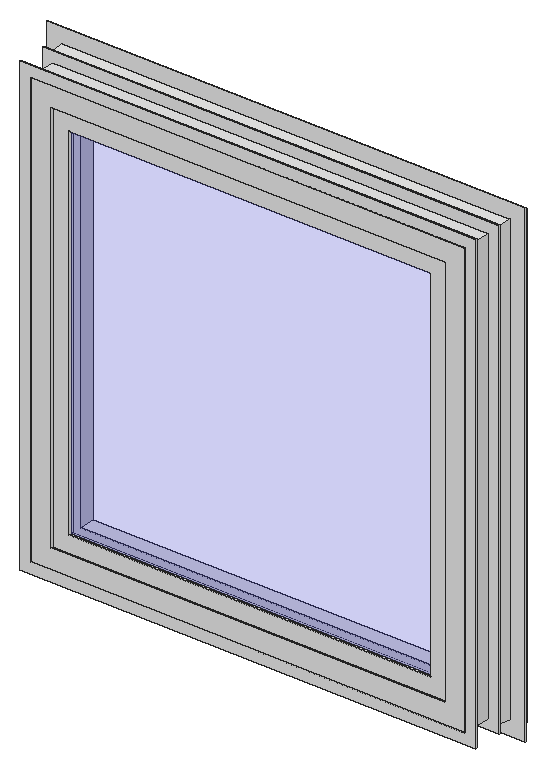
Revit family "Window-Awning-All_Weather-Series_6000", category Windows, host Wall, Revit 2026 (continued)
Definition of nested family "Detail-All_Weather-TDL-Series_6000"
  Dimensions and locks (in)
    Masking region 3 sketch curve to Masking region 3 sketch curve to plane 1 "Center (Front/Back)" to Masking region 3 sketch curve to Masking region 3 sketch curve = 0' - 0" locked, 0' - 0 9/16" locked, 0' - 0.49952" locked, 0' - 0.00048" locked
    "Thickness": plane 1 "Center (Front/Back)" to plane 8
    equal spacing: plane 1 "Center (Front/Back)", plane 9, plane 8
    plane 8 to Masking region 10 sketch curve to Masking region 10 sketch curve to Masking region 10 sketch curve to Masking region 10 sketch curve = 0' - 0.20338" locked, 0' - 0.014" locked, 0' - 0.283" locked, 0' - 0.014" locked
    plane 5 "Back" to Masking region 10 sketch curve to Masking region 10 sketch curve to Masking region 10 sketch curve to Masking region 10 sketch curve = 0' - 0.40084" locked, 0' - 0.014" locked, 0' - 0.55189" locked, 0' - 0.014" locked
    plane 5 "Back" to Masking region 9 sketch curve to Masking region 9 sketch curve to Masking region 9 sketch curve to Masking region 9 sketch curve = 0' - 0.36878" locked, 0' - 0.03206" locked, 0' - 0.57989" locked, 0' - 0.03206" locked
    Masking region 9 sketch curve to Masking region 9 sketch curve to Masking region 9 sketch curve to Masking region 9 sketch curve to plane 8 = 0' - 0.03038" locked, 0' - 0.195" locked, 0' - 0" locked, 0' - 0.31938" locked
    plane 5 "Back" to Masking region 8 sketch curve to Masking region 8 sketch curve to Masking region 8 sketch curve to Masking region 8 sketch curve = 0' - 0.18994" locked, 0' - 0.17884" locked, 0' - 0.64232" locked, 0' - 0.17884" locked
    Masking region 8 sketch curve to Masking region 8 sketch curve to plane 8 to Masking region 8 sketch curve to Masking region 8 sketch curve = 0' - 0" locked, 0' - 0.56202" locked, 0' - 0 1/2" locked, 0' - 0.00048" locked
    Masking region 1 sketch curve to plane 8 to Masking region 1 sketch curve to Masking region 1 sketch curve to Masking region 1 sketch curve to Masking region 1 sketch curve to Masking region 1 sketch curve to Masking region 1 sketch curve to Masking region 1 sketch curve to Masking region 1 sketch curve to Masking region 1 sketch curve to Masking region 1 sketch curve to Masking region 1 sketch curve to Masking region 1 sketch curve to Masking region 1 sketch curve to Masking region 1 sketch curve to Masking region 1 sketch curve to Masking region 1 sketch curve to Masking region 1 sketch curve to Masking region 1 sketch curve to Masking region 1 sketch curve to Masking region 1 sketch curve to Masking region 1 sketch curve to Masking region 1 sketch curve to Masking region 1 sketch curve to Masking region 1 sketch curve to Masking region 1 sketch curve to Masking region 1 sketch curve to Masking region 1 sketch curve to Masking region 1 sketch curve to Masking region 1 sketch curve to Masking region 1 sketch curve to Masking region 1 sketch curve to Masking region 1 sketch curve to Masking region 1 sketch curve to Masking region 1 sketch curve to Masking region 1 sketch curve to Masking region 1 sketch curve to Masking region 1 sketch curve to Masking region 1 sketch curve to Masking region 1 sketch curve to Masking region 1 sketch curve to Masking region 1 sketch curve to Masking region 1 sketch curve to Masking region 1 sketch curve to Masking region 1 sketch curve to Masking region 1 sketch curve to Masking region 1 sketch curve = 0' - 0" locked, 0' - 0 3/64" locked, 0' - 0.16416" locked, 0' - 0.04678" locked, 0' - 0.22619" locked, 0' - 0.0607" locked, 0' - 0 41/128" locked, 0' - 0.01" locked, 0' - 0" locked, 0' - 0.0113" locked, 0' - 0.001" locked, 0' - 0.0277" locked, 0' - 0" locked, 0' - 0" locked, 0' - 0" locked, 0' - 0.02089" locked, 0' - 0.03311" locked, 0' - 0" locked, 0' - 0.03039" locked, 0' - 0.08746" locked, 0' - 0.05674" locked, 0' - 0.02409" locked, 0' - 0.05674" locked, 0' - 0.05116" locked, 0' - 0.05674" locked, 0' - 0.02409" locked, 0' - 0.05674" locked, 0' - 0.08746" locked, 0' - 0.03039" locked, 0' - 0" locked, 0' - 0.03312" locked, 0' - 0.02088" locked, 0' - 0" locked, 0' - 0" locked, 0' - 0" locked, 0' - 0.0277" locked, 0' - 0.001" locked, 0' - 0.0113" locked, 0' - 0" locked, 0' - 0.03714" locked, 0' - 0.2838" locked, 0' - 0.07006" locked, 0' - 0.21609" locked, 0' - 0.04678" locked, 0' - 0.11739" locked, 0' - 0.04678" locked, 0' - 0.05698" locked
    plane 4 "Front" to Masking region 1 sketch curve to Masking region 1 sketch curve to Masking region 1 sketch curve to Masking region 1 sketch curve to Masking region 1 sketch curve to Masking region 1 sketch curve to Masking region 1 sketch curve to Masking region 1 sketch curve to Masking region 1 sketch curve to Masking region 1 sketch curve to Masking region 1 sketch curve to Masking region 1 sketch curve to Masking region 1 sketch curve to Masking region 1 sketch curve to Masking region 1 sketch curve to Masking region 1 sketch curve to Masking region 1 sketch curve to Masking region 1 sketch curve to Masking region 1 sketch curve to Masking region 1 sketch curve to Masking region 1 sketch curve to Masking region 1 sketch curve to Masking region 1 sketch curve to Masking region 1 sketch curve to Masking region 1 sketch curve to Masking region 1 sketch curve to Masking region 1 sketch curve to Masking region 1 sketch curve to Masking region 1 sketch curve to Masking region 1 sketch curve to Masking region 1 sketch curve to Masking region 1 sketch curve to Masking region 1 sketch curve to Masking region 1 sketch curve to Masking region 1 sketch curve to Masking region 1 sketch curve to Masking region 1 sketch curve to Masking region 1 sketch curve to Masking region 1 sketch curve to Masking region 1 sketch curve to Masking region 1 sketch curve to Masking region 1 sketch curve to Masking region 1 sketch curve to Masking region 1 sketch curve to Masking region 1 sketch curve to Masking region 1 sketch curve to Masking region 1 sketch curve to Masking region 1 sketch curve = 0' - 1.45616" locked, 0' - 0" locked, 0' - 0.05239" locked, 0' - 0" locked, 0' - 0.03688" locked, 0' - 0" locked, 0' - 0.0196" locked, 0' - 0" locked, 0' - 0.07867" locked, 0' - 0" locked, 0' - 0" locked, 0' - 0.00194" locked, 0' - 0" locked, 0' - 0.07606" locked, 0' - 0" locked, 0' - 0.05047" locked, 0' - 0" locked, 0' - 0.02639" locked, 0' - 0" locked, 0' - 0.10724" locked, 0' - 0" locked, 0' - 0.02639" locked, 0' - 0" locked, 0' - 0.0155" locked, 0' - 0" locked, 0' - 0.22427" locked, 0' - 0" locked, 0' - 0.05776" locked, 0' - 0.00071" locked, 0' - 0.02639" locked, 0' - 0.00091" locked, 0' - 0.10637" locked, 0' - 0.00588" locked, 0' - 0.00252" locked, 0' - 0" locked, 0' - 0" locked, 0' - 0" locked, 0' - 0.03109" locked, 0' - 0" locked, 0' - 0" locked, 0' - 0" locked, 0' - 0.01141" locked, 0' - 0" locked, 0' - 0" locked, 0' - 0" locked, 0' - 0.03875" locked, 0' - 0" locked, 0' - 0.04625" locked
    plane 4 "Front" to Masking region 6 sketch curve to Masking region 6 sketch curve to Masking region 6 sketch curve to Masking region 6 sketch curve to Masking region 6 sketch curve to Masking region 6 sketch curve to Masking region 6 sketch curve to Masking region 6 sketch curve to Masking region 6 sketch curve to Masking region 6 sketch curve to Masking region 6 sketch curve to Masking region 6 sketch curve to Masking region 6 sketch curve to Masking region 6 sketch curve to Masking region 6 sketch curve to Masking region 6 sketch curve to Masking region 6 sketch curve to Masking region 6 sketch curve to Masking region 6 sketch curve to Masking region 6 sketch curve to Masking region 6 sketch curve to Masking region 6 sketch curve to Masking region 6 sketch curve to Masking region 6 sketch curve to Masking region 6 sketch curve to Masking region 6 sketch curve to Masking region 6 sketch curve to Masking region 6 sketch curve to Masking region 6 sketch curve to Masking region 6 sketch curve to Masking region 6 sketch curve to Masking region 6 sketch curve to Masking region 6 sketch curve to Masking region 6 sketch curve to Masking region 6 sketch curve to Masking region 6 sketch curve to Masking region 6 sketch curve to Masking region 6 sketch curve to Masking region 6 sketch curve to Masking region 6 sketch curve to Masking region 6 sketch curve to Masking region 6 sketch curve to Masking region 6 sketch curve to Masking region 6 sketch curve = 0' - 0.077" locked, 0' - 0.22191" locked, 0' - 0" locked, 0' - 0.0333" locked, 0' - 0" locked, 0' - 0.02653" locked, 0' - 0" locked, 0' - 0.03427" locked, 0' - 0" locked, 0' - 0.02017" locked, 0' - 0" locked, 0' - 0.04494" locked, 0' - 0" locked, 0' - 0.02017" locked, 0' - 0" locked, 0' - 0.03427" locked, 0' - 0" locked, 0' - 0.02653" locked, 0' - 0" locked, 0' - 0.0333" locked, 0' - 0" locked, 0' - 0.21391" locked, 0' - 0.9274" locked, 0' - 0.21391" locked, 0' - 0" locked, 0' - 0.0333" locked, 0' - 0" locked, 0' - 0.02653" locked, 0' - 0" locked, 0' - 0.03427" locked, 0' - 0" locked, 0' - 0.02017" locked, 0' - 0" locked, 0' - 0.04494" locked, 0' - 0" locked, 0' - 0.02017" locked, 0' - 0" locked, 0' - 0.03427" locked, 0' - 0" locked, 0' - 0.02653" locked, 0' - 0" locked, 0' - 0.0333" locked, 0' - 0" locked, 0' - 0.22191" locked
    Masking region 6 sketch curve to Masking region 6 sketch curve to Masking region 6 sketch curve to Masking region 6 sketch curve to Masking region 6 sketch curve to Masking region 6 sketch curve to Masking region 6 sketch curve to Masking region 6 sketch curve to Masking region 6 sketch curve to Masking region 6 sketch curve to Masking region 6 sketch curve to Masking region 6 sketch curve to Masking region 6 sketch curve to Masking region 6 sketch curve to Masking region 6 sketch curve to Masking region 6 sketch curve to Masking region 6 sketch curve to Masking region 6 sketch curve to Masking region 6 sketch curve to Masking region 6 sketch curve to Masking region 6 sketch curve to Masking region 6 sketch curve to Masking region 6 sketch curve to Masking region 6 sketch curve to Masking region 6 sketch curve to Masking region 6 sketch curve to Masking region 6 sketch curve to Masking region 6 sketch curve to Masking region 6 sketch curve to Masking region 6 sketch curve to Masking region 6 sketch curve to Masking region 6 sketch curve to Masking region 6 sketch curve to Masking region 6 sketch curve to Masking region 6 sketch curve to Masking region 6 sketch curve to plane 8 = 0' - 0" locked, 0' - 0.06286" locked, 0' - 0" locked, 0' - 0" locked, 0' - 0" locked, 0' - 0.01514" locked, 0' - 0" locked, 0' - 0" locked, 0' - 0" locked, 0' - 0.06184" locked, 0' - 0" locked, 0' - 0" locked, 0' - 0" locked, 0' - 0 1/32" locked, 0' - 0" locked, 0' - 0" locked, 0' - 0" locked, 0' - 0.25183" locked, 0' - 0" locked, 0' - 0" locked, 0' - 0" locked, 0' - 0 1/32" locked, 0' - 0", 0' - 0", 0' - 0" locked, 0' - 0.06184" locked, 0' - 0" locked, 0' - 0" locked, 0' - 0" locked, 0' - 0.01514" locked, 0' - 0" locked, 0' - 0" locked, 0' - 0" locked, 0' - 0.06286" locked, 0' - 0" locked, 0' - 0.953" locked
    Masking region 11 sketch curve to Masking region 11 sketch curve to Masking region 11 sketch curve to Masking region 11 sketch curve to Masking region 11 sketch curve to Masking region 11 sketch curve to Masking region 11 sketch curve to Masking region 11 sketch curve to plane 9 to Masking region 11 sketch curve to Masking region 11 sketch curve to Masking region 11 sketch curve to Masking region 11 sketch curve to Masking region 11 sketch curve to Masking region 11 sketch curve to Masking region 11 sketch curve to Masking region 11 sketch curve = 0' - 0.0653" locked, 0' - 0" locked, 0' - 0.00557" locked, 0' - 0.05524" locked, 0' - 0" locked, 0' - 0.13082" locked, 0' - 0" locked, 0' - 0.10382" locked, 0' - 0.10901" locked, 0' - 0" locked, 0' - 0.13082" locked, 0' - 0" locked, 0' - 0.05524" locked, 0' - 0.00557" locked, 0' - 0" locked, 0' - 0.0653" locked
    Masking region 11 sketch curve to Masking region 11 sketch curve to Masking region 11 sketch curve to Masking region 11 sketch curve to Masking region 11 sketch curve to Masking region 11 sketch curve to Masking region 11 sketch curve to Masking region 11 sketch curve to plane 6 "Glass Front" to Masking region 11 sketch curve to Masking region 11 sketch curve to Masking region 11 sketch curve to Masking region 11 sketch curve to Masking region 11 sketch curve to Masking region 11 sketch curve to Masking region 11 sketch curve to Masking region 11 sketch curve = 0' - 0" locked, 0' - 0 7/64" locked, 0' - 0" locked, 0' - 0.10582" locked, 0' - 0" locked, 0' - 0.10707" locked, 0' - 0" locked, 0' - 0.13144" locked, 0' - 0.01144" locked, 0' - 0" locked, 0' - 0.10707" locked, 0' - 0" locked, 0' - 0.10582" locked, 0' - 0" locked, 0' - 0 7/64" locked, 0' - 0" locked
    Masking region 2 sketch curve to Masking region 2 sketch curve to Masking region 2 sketch curve to Masking region 2 sketch curve to Masking region 2 sketch curve to Masking region 2 sketch curve to Masking region 2 sketch curve to Masking region 2 sketch curve to Masking region 2 sketch curve to Masking region 2 sketch curve to Masking region 2 sketch curve to Masking region 2 sketch curve to Masking region 2 sketch curve to Masking region 2 sketch curve to Masking region 2 sketch curve to Masking region 2 sketch curve to plane 9 to Masking region 2 sketch curve to Masking region 2 sketch curve to Masking region 2 sketch curve to Masking region 2 sketch curve to Masking region 2 sketch curve to Masking region 2 sketch curve to Masking region 2 sketch curve to Masking region 2 sketch curve to Masking region 2 sketch curve to Masking region 2 sketch curve to Masking region 2 sketch curve to Masking region 2 sketch curve to Masking region 2 sketch curve to Masking region 2 sketch curve to Masking region 2 sketch curve to Masking region 2 sketch curve = 0' - 0.055" locked, 0' - 0.25005" locked, 0' - 0.00658" locked, 0' - 0.30512" locked, 0' - 0.03912" locked, 0' - 0.10557" locked, 0' - 0.03664" locked, 0' - 0.00247" locked, 0' - 0.00838" locked, 0' - 0.04816" locked, 0' - 0.01771" locked, 0' - 0.03762" locked, 0' - 0" locked, 0' - 0.03705" locked, 0' - 0" locked, 0' - 0.29795" locked, 0' - 0.29795" locked, 0' - 0" locked, 0' - 0.03705" locked, 0' - 0" locked, 0' - 0.03762" locked, 0' - 0.01771" locked, 0' - 0.04816" locked, 0' - 0.00838" locked, 0' - 0.00247" locked, 0' - 0.03664" locked, 0' - 0.10557" locked, 0' - 0.03912" locked, 0' - 0.30512" locked, 0' - 0.00658" locked, 0' - 0.25005" locked, 0' - 0.055" locked
    Masking region 2 sketch curve to plane 4 "Front" to Masking region 2 sketch curve to Masking region 2 sketch curve to Masking region 2 sketch curve to Masking region 2 sketch curve to Masking region 2 sketch curve to Masking region 2 sketch curve to Masking region 2 sketch curve to Masking region 2 sketch curve to Masking region 2 sketch curve to Masking region 2 sketch curve to Masking region 2 sketch curve to Masking region 2 sketch curve to Masking region 2 sketch curve to Masking region 2 sketch curve to Masking region 2 sketch curve to Masking region 2 sketch curve to Masking region 2 sketch curve to Masking region 2 sketch curve to Masking region 2 sketch curve to Masking region 2 sketch curve to Masking region 2 sketch curve to Masking region 2 sketch curve to Masking region 2 sketch curve = 0' - 0" locked, 0' - 0" locked, 0' - 0.05499" locked, 0' - 0" locked, 0' - 0.03433" locked, 0' - 0" locked, 0' - 0.04001" locked, 0' - 0" locked, 0' - 0.04973" locked, 0' - 0" locked, 0' - 0.47422" locked, 0' - 0" locked, 0' - 0.05499" locked, 0' - 0" locked, 0' - 0.06002" locked, 0' - 0" locked, 0' - 0.23285" locked, 0' - 0" locked, 0' - 0.04202" locked, 0' - 0" locked, 0' - 0.02674" locked, 0' - 0" locked, 0' - 0.055" locked, 0' - 0" locked
    Filled region 1 sketch curve to Filled region 1 sketch curve to Filled region 1 sketch curve to Filled region 1 sketch curve to Filled region 1 sketch curve to Filled region 1 sketch curve to Filled region 1 sketch curve to plane 5 "Back" = 0' - 0.02559" locked, 0' - 0.06499" locked, 0' - 0.00977" locked, 0' - 0.17552" locked, 0' - 0.9998" locked, 0' - 0 1/16" locked, 0' - 0.1277" locked
    Filled region 1 sketch curve to plane 8 to Filled region 1 sketch curve to Filled region 1 sketch curve to Filled region 1 sketch curve to Filled region 1 sketch curve to Filled region 1 sketch curve = 0' - 0.16948" locked, 0' - 0.00019" locked, 0' - 0.01744" locked, 0' - 0.04506" locked, 0' - 0.27903" locked, 0' - 0.17591" locked
    Filled region 2 sketch curve to Filled region 2 sketch curve to Filled region 2 sketch curve to Filled region 2 sketch curve to Filled region 2 sketch curve to Filled region 2 sketch curve to Filled region 2 sketch curve to plane 5 "Back" = 0' - 0.02559" locked, 0' - 0.06499" locked, 0' - 0.00977" locked, 0' - 0.17552" locked, 0' - 0.9998" locked, 0' - 0 1/16" locked, 0' - 0.1277" locked
    Filled region 2 sketch curve to Filled region 2 sketch curve to Filled region 2 sketch curve to Filled region 2 sketch curve to Filled region 2 sketch curve to Filled region 2 sketch curve to plane 9 = 0' - 0.16966" locked, 0' - 0.01744" locked, 0' - 0.04506" locked, 0' - 0.27903" locked, 0' - 0.17591" locked, 0' - 0.73238" locked
    Masking region 1 sketch curve to Masking region 1 sketch curve to Masking region 1 sketch curve to Masking region 1 sketch curve to Masking region 1 sketch curve to Masking region 1 sketch curve to Masking region 1 sketch curve to Masking region 1 sketch curve to Masking region 1 sketch curve to Masking region 1 sketch curve to Masking region 1 sketch curve to Masking region 1 sketch curve to Masking region 1 sketch curve to Masking region 1 sketch curve to Masking region 1 sketch curve to Masking region 1 sketch curve to Masking region 1 sketch curve to Masking region 1 sketch curve to Masking region 1 sketch curve to Masking region 1 sketch curve to Masking region 1 sketch curve to Masking region 1 sketch curve to Masking region 1 sketch curve to Masking region 1 sketch curve to Masking region 1 sketch curve to Masking region 1 sketch curve to Masking region 1 sketch curve to Masking region 1 sketch curve to Masking region 1 sketch curve to Masking region 1 sketch curve to Masking region 1 sketch curve to Masking region 1 sketch curve to Masking region 1 sketch curve to Masking region 1 sketch curve to Masking region 1 sketch curve to Masking region 1 sketch curve to Masking region 1 sketch curve = 0' - 0.085" locked, 0' - 0" locked, 0' - 0.009" locked, 0' - 0.0155" locked, 0' - 0.02639" locked, 0' - 0.10637" locked, 0' - 0.00091" locked, 0' - 0.02639" locked, 0' - 0.00071" locked, 0' - 0.05776" locked, 0' - 0" locked, 0' - 0.22427" locked, 0' - 0" locked, 0' - 0.0155" locked, 0' - 0" locked, 0' - 0.02639" locked, 0' - 0" locked, 0' - 0.10724" locked, 0' - 0" locked, 0' - 0.02639" locked, 0' - 0" locked, 0' - 0.05047" locked, 0' - 0" locked, 0' - 0.07606" locked, 0' - 0" locked, 0' - 0.00194" locked, 0' - 0" locked, 0' - 0" locked, 0' - 0.07867" locked, 0' - 0" locked, 0' - 0.0196" locked, 0' - 0" locked, 0' - 0.03688" locked, 0' - 0" locked, 0' - 0.05239" locked, 0' - 0" locked
    Masking region 1 sketch curve to Masking region 1 sketch curve to Masking region 1 sketch curve to Masking region 1 sketch curve to Masking region 1 sketch curve to Masking region 1 sketch curve to Masking region 1 sketch curve to Masking region 1 sketch curve to Masking region 1 sketch curve to Masking region 1 sketch curve to Masking region 1 sketch curve to Masking region 1 sketch curve to Masking region 1 sketch curve to Masking region 1 sketch curve to Masking region 1 sketch curve to Masking region 1 sketch curve to Masking region 1 sketch curve to Masking region 1 sketch curve to Masking region 1 sketch curve to Masking region 1 sketch curve to Masking region 1 sketch curve to Masking region 1 sketch curve to Masking region 1 sketch curve to Masking region 1 sketch curve to Masking region 1 sketch curve to Masking region 1 sketch curve to Masking region 1 sketch curve to Masking region 1 sketch curve to Masking region 1 sketch curve to Masking region 1 sketch curve to Masking region 1 sketch curve to Masking region 1 sketch curve to Masking region 1 sketch curve to Masking region 1 sketch curve = 0' - 0" locked, 0' - 0" locked, 0' - 0.0113" locked, 0' - 0.001" locked, 0' - 0.0277" locked, 0' - 0" locked, 0' - 0" locked, 0' - 0" locked, 0' - 0.02088" locked, 0' - 0.03312" locked, 0' - 0" locked, 0' - 0.03039" locked, 0' - 0.08746" locked, 0' - 0.05674" locked, 0' - 0.02409" locked, 0' - 0.05674" locked, 0' - 0.05116", 0' - 0.05674" locked, 0' - 0.02409" locked, 0' - 0.05674" locked, 0' - 0.08746" locked, 0' - 0.03039" locked, 0' - 0" locked, 0' - 0.03311" locked, 0' - 0.02089" locked, 0' - 0" locked, 0' - 0" locked, 0' - 0" locked, 0' - 0.0277" locked, 0' - 0.001" locked, 0' - 0.0113" locked, 0' - 0" locked, 0' - 0" locked
    aligned and locked: Masking region 7 sketch curve to Masking region 2  (x2)
    aligned and locked: Masking region 7 sketch curve to Masking region 1  (x2)
  Automatic sketch dimensions
    Masking region 1 sketch curve to Masking region 1 sketch curve = 0' - 0.04678"
    plane 9 to Masking region 1 sketch curve = 0' - 0.02558"
    Masking region 1 sketch curve to plane 4 "Front" = 0' - 0"
    Masking region 1 sketch curve to Masking region 1 sketch curve = 0' - 0.04502"
    Masking region 6 sketch curve to Masking region 6 sketch curve = 0' - 0.03779"  (x3)
    Masking region 6 sketch curve to Masking region 6 sketch curve = 0' - 0.0097"  (x4)
    Masking region 6 sketch curve to Masking region 6 sketch curve = 0' - 0"
Types (2): name | Type Comments | Thickness | Panning Frame | Nail On Frame
  Nail On Frame Awning | "Standard Nail On Frame" | 0' - 3 7/16" | no | yes
  Panning Frame Awning | "Panning Frame" | 0' - 4 127/128" | yes | no
